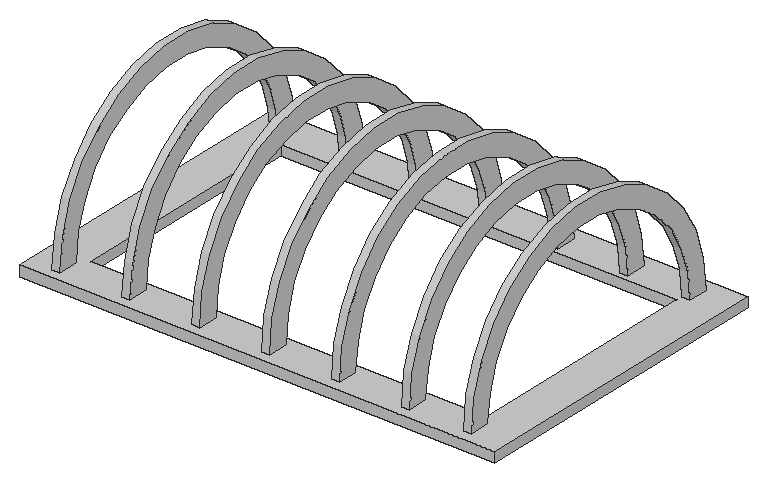
Revit family
Parameters
  Length = 1200 mm
Reference planes
  plane 1 "Center (Front/Back)": y = 0
  plane 2: z = 0
  plane 3 "Center (Left/Right)": x = 0
Forms (mm)
  Extrusion 1, solid
    sketch origin (0, 0, 0) x (1, 0, 0) y (0, 1, 0)
      loop
        line (-600, -366.583) -> (600, -366.583) -> (600, 433.417) -> (-600, 433.417) -> (-600, -366.583)
      loop
        line (500, 333.417) -> (-500, 333.417) -> (-500, -266.583) -> (500, -266.583) -> (500, 333.417)
    from 0 to 25
  Extrusion 2, solid
    sketch origin (0, 0, 0) x (0, 1, 0) y (0, 0, 1)
      loop
        arc (400, 25) -> (30, 395) -> (-340, 25) r 370
        line (-340, 25) -> (-290, 25)
        arc (-290, 25) -> (30, 345) -> (350, 25) r 320
        line (350, 25) -> (400, 25)
    from 10 to -10
  Extrusion 3, solid
    sketch origin (190, 0, 0) x (0, 1, 0) y (0, 0, 1)
      loop
        arc (400, 25) -> (30, 395) -> (-340, 25) r 370
        line (-340, 25) -> (-290, 25)
        arc (-290, 25) -> (30, 345) -> (350, 25) r 320
        line (350, 25) -> (400, 25)
    from -3.333 to -23.333
  Extrusion 4, solid
    sketch origin (370, 0, 0) x (0, 1, 0) y (0, 0, 1)
      loop
        arc (400, 25) -> (30, 395) -> (-340, 25) r 370
        line (-340, 25) -> (-290, 25)
        arc (-290, 25) -> (30, 345) -> (350, 25) r 320
        line (350, 25) -> (400, 25)
    from -6.667 to -26.667
  Extrusion 5, solid
    sketch origin (-210, 0, 0) x (0, 1, 0) y (0, 0, 1)
      loop
        arc (400, 25) -> (30, 395) -> (-340, 25) r 370
        line (-340, 25) -> (-290, 25)
        arc (-290, 25) -> (30, 345) -> (350, 25) r 320
        line (350, 25) -> (400, 25)
    from 43.333 to 23.333
  Extrusion 6, solid
    sketch origin (-430, 0, 0) x (0, 1, 0) y (0, 0, 1)
      loop
        arc (400, 25) -> (30, 395) -> (-340, 25) r 370
        line (-340, 25) -> (-290, 25)
        arc (-290, 25) -> (30, 345) -> (350, 25) r 320
        line (350, 25) -> (400, 25)
    from 86.667 to 66.667
  Extrusion 7, solid
    sketch origin (-496.667, 0, 0) x (0, 1, 0) y (0, 0, 1)
      loop
        arc (400, 25) -> (30, 395) -> (-340, 25) r 370
        line (-340, 25) -> (-290, 25)
        arc (-290, 25) -> (30, 345) -> (350, 25) r 320
        line (350, 25) -> (400, 25)
    from -23.333 to -43.333
  Extrusion 8, solid
    sketch origin (523.333, 0, 0) x (0, 1, 0) y (0, 0, 1)
      loop
        arc (400, 25) -> (30, 395) -> (-340, 25) r 370
        line (-340, 25) -> (-290, 25)
        arc (-290, 25) -> (30, 345) -> (350, 25) r 320
        line (350, 25) -> (400, 25)
    from -3.333 to -23.333
Dimensions and locks
  locked: Extrusion 1 sketch curve to Extrusion 1 sketch curve at 100  (x4)
  equal spacing: Extrusion 1 sketch curve, plane 3 "Center (Left/Right)", Extrusion 1 sketch curve
  "Length": Extrusion 1 to Extrusion 1
  equal spacing: Extrusion 7, Extrusion 6, Extrusion 5, Extrusion 2, Extrusion 3, Extrusion 4, Extrusion 8
  locked: Extrusion 2 to Extrusion 2 at 20
  locked: Extrusion 6 to Extrusion 6 at 20
  locked: Extrusion 5 to Extrusion 5 at 20
  locked: Extrusion 3 to Extrusion 3 at 20
  locked: Extrusion 4 to Extrusion 4 at 20
  locked: Extrusion 2 to plane 3 "Center (Left/Right)" at 10
  locked: Extrusion 7 to Extrusion 7 at 20
  locked: Extrusion 8 to Extrusion 8 at 20
Automatic sketch dimensions
  Extrusion 1 sketch curve to plane 3 "Center (Left/Right)" = 600 mm
  plane 1 "Center (Front/Back)" to Extrusion 1 sketch curve = 366.583 mm
  Extrusion 1 sketch curve to plane 1 "Center (Front/Back)" = 333.417 mm
  Extrusion 2 sketch curve to Extrusion 2 sketch curve = 0 mm  (x2)
  level to Extrusion 2 sketch curve = 25 mm
  plane 1 "Center (Front/Back)" to Extrusion 2 sketch curve = 340 mm
  Extrusion 2 sketch curve to Extrusion 2 sketch curve = 50 mm
  Extrusion 2 sketch curve to plane 1 "Center (Front/Back)" = 30 mm
  Extrusion 3 sketch curve to Extrusion 3 sketch curve = 0 mm  (x2)
  level to Extrusion 3 sketch curve = 25 mm
  plane 1 "Center (Front/Back)" to Extrusion 3 sketch curve = 340 mm
  Extrusion 3 sketch curve to Extrusion 3 sketch curve = 50 mm
  Extrusion 3 sketch curve to plane 1 "Center (Front/Back)" = 30 mm
  Extrusion 4 sketch curve to Extrusion 4 sketch curve = 0 mm  (x2)
  level to Extrusion 4 sketch curve = 25 mm
  plane 1 "Center (Front/Back)" to Extrusion 4 sketch curve = 340 mm
  Extrusion 4 sketch curve to Extrusion 4 sketch curve = 50 mm
  Extrusion 4 sketch curve to plane 1 "Center (Front/Back)" = 30 mm
  Extrusion 6 sketch curve to Extrusion 6 sketch curve = 0 mm  (x2)
  level to Extrusion 6 sketch curve = 25 mm
  plane 1 "Center (Front/Back)" to Extrusion 6 sketch curve = 340 mm
  Extrusion 6 sketch curve to Extrusion 6 sketch curve = 50 mm
  Extrusion 6 sketch curve to plane 1 "Center (Front/Back)" = 30 mm
  Extrusion 5 sketch curve to Extrusion 5 sketch curve = 0 mm  (x2)
  level to Extrusion 5 sketch curve = 25 mm
  plane 1 "Center (Front/Back)" to Extrusion 5 sketch curve = 340 mm
  Extrusion 5 sketch curve to Extrusion 5 sketch curve = 50 mm
  Extrusion 5 sketch curve to plane 1 "Center (Front/Back)" = 30 mm
  Extrusion 7 sketch curve to Extrusion 7 sketch curve = 0 mm  (x2)
  level to Extrusion 7 sketch curve = 25 mm
  plane 1 "Center (Front/Back)" to Extrusion 7 sketch curve = 340 mm
  Extrusion 7 sketch curve to Extrusion 7 sketch curve = 50 mm
  Extrusion 7 sketch curve to plane 1 "Center (Front/Back)" = 30 mm
  Extrusion 8 sketch curve to Extrusion 8 sketch curve = 0 mm  (x2)
  level to Extrusion 8 sketch curve = 25 mm
  plane 1 "Center (Front/Back)" to Extrusion 8 sketch curve = 340 mm
  Extrusion 8 sketch curve to Extrusion 8 sketch curve = 50 mm
  Extrusion 8 sketch curve to plane 1 "Center (Front/Back)" = 30 mm
